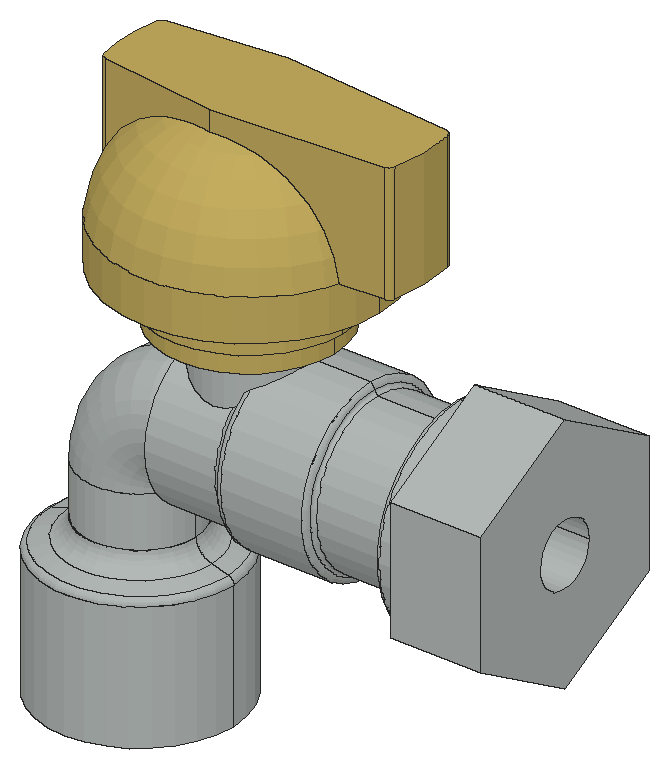
Revit family "QP21360000", category Apparecchi idraulici, Revit 2020
Family settings
  Quota connettore circolare = Usa diametro
  Tipo di parte = Normale
  Numero OmniClass = 23.45.00.00
  Titolo OmniClass = Sanitary, Laundry, and Cleaning Equipment
  Basato su piano di lavoro = No
  Sempre verticale = Sì
  Taglio con vuoti quando caricato = No
  Condiviso = No
  Punto di calcolo locali = No
Parameters
  URL = "https://web.cimberio.com/index.php/figura/146?subcategoria_id="
  Temperatura di esercizio = ""
  Prospetto di default = 0 mm
  Produttore = "CIMBERIO SPA"
  Pressione nominale = "MOP 5"
  Modello = "Cim 186PG"
  Materiale = "Prodotto in lega di ottone conforme alla norma EN 12165-CW617N-DW"
  Description = ""
  DN Model [instance] = QP21362102 : QP21362102
  DN [instance] = 9 mm
  Commenti sul tipo = "Realizzato in ottemperanza ai requisiti gestionali della norma EN ISO 9001.\r\nCollaudato al 100% secondo la normativa EN 12266-1"
Reference planes
  plane 1 "Centro (Fronte/Retro)": y = 0
  plane 2: z = 0
  plane 3 "Centro (Sinistra/Destra)": x = 0
Dimensions and locks
  aligned and locked: level to plane 2
Nested families
  nested 1: "QP21362102" at (0, 0, 0), type <- "DN Model", type "QP21362102"
  nested 2: "QP21362102" at (0, 0, 0), type <- "DN Model", type "QP21362102"
Connectors
  piping at (45.25, 0, 0), diameter 9, driven by "DN"
    settings: on nested 1, index 1, connector inside diameter 609.6 mm, connector length 0 mm, flow factor 0, pipe flow 0.0 L/s, pressure drop 0.0 Pa, fitting loss kfactor 0, connector angle 0.00°, fixture units 0, engagement length 0 mm, angle of deflection 0.00°, flow configuration 0, flow direction 0, fitting loss method 0, system type 7, joint type 0, gender type 0, connector reference index -1, connector utility 0, adjustable connector no, is connector primary yes, connector description ""
Definition of nested family "QP21362102"
  Parameters (values of type "QP21362102")
    URL = ""
    Default Elevation = 0 mm
    Manufacturer = ""
    Model = ""
    Description = ""
    Type Comments = ""
  Reference planes
    plane 1 "Centro (Fronte/Retro)": y = 0
    plane 2: z = 0
    plane 3 "Centro (Sinistra/Destra)": x = 0
  Forms (mm)
    Revolve 1, solid
      sketch origin (1.758, 0, 0) x (1, 0, 0) y (0, 0, 1)
        loop
          line (-0.754, 4.83) -> (7.416, 4.83) -> (7.416, 16.081) -> (-0.754, 16.081) -> (-0.754, 4.83)
        axis (-0.754, 16.081) -> (-0.754, 4.83)
      angle from 0 to 360
    Revolve 2, solid
      sketch origin (0, 0, 0) x (1, 0, 0) y (0, 0, 1)
        loop
          line (30.25, -14.733) -> (32.25, -14.733) -> (32.25, -4.5) -> (-6.523, -4.5) -> (-6.523, -10.983) -> (3.557, -10.983)
          arc (3.557, -10.983) -> (4.268, -11.328) -> (4.711, -11.983) r 1.528
          arc (4.711, -11.983) -> (5.077, -12.349) -> (5.577, -12.483) r 1
          line (5.577, -12.483) -> (17.3, -12.483)
          arc (17.3, -12.483) -> (17.636, -12.081) -> (17.8, -11.583) r 1.391
          arc (17.8, -11.583) -> (17.946, -11.229) -> (18.3, -11.083) r 0.5
          line (18.3, -11.083) -> (29.75, -11.083) -> (29.75, -14.233)
          arc (29.75, -14.233) -> (29.896, -14.587) -> (30.25, -14.733) r 0.5
        axis (-6.523, 0) -> (32.25, 0)
      angle from 0 to 360
    Extrusion 3, solid
      sketch origin (0, 0, 0) x (0, 1, 0) y (0, 0, 1)
        loop
          circle (0, 0) r 4.5
        loop
          line (0, 17.4) -> (-15.069, 8.7) -> (-15.069, -8.7) -> (0, -17.4) -> (15.069, -8.7) -> (15.069, 8.7) -> (0, 17.4)
      from 32.25 to 45.25
    Revolve 4, solid
      sketch origin (0, 0, 0) x (1, 0, 0) y (0, 0, 1)
        loop
          line (-20.5, -16.475) -> (-24.072, -16.475)
          arc (-24.072, -16.475) -> (-24.756, -18.159) -> (-26.286, -19.139) r 3
          line (-26.286, -19.139) -> (-28.759, -19.801)
          arc (-28.759, -19.801) -> (-29.293, -20.159) -> (-29.5, -20.767) r 1
          line (-29.5, -20.767) -> (-29.5, -39) -> (-20.5, -39) -> (-20.5, -16.475)
        axis (-16, -16.475) -> (-16, -39)
      angle from 0 to 360
    Sweep 5, solid
      path origin (0, 0, 0) x (1, 0, 0) y (0, 0, 1)
        loop
          arc (-6.523, 0) -> (-13.208, -2.611) -> (-16, -9.222) r 9.226
          line (-16, -9.222) -> (-16, -16.475)
      profile origin (-16, 0, -12.849) x (0, -1, 0) y (1, 0, 0)
        loop
          circle (0, 0) r 8
        loop
          circle (0, 0) r 4.5
  Dimensions and locks
    aligned and locked: level to plane 2
  Nested families
    nested 1: "MANIGLIA SICUREZZA PREMI E GIRA" at (0, 0, 14.3), type "MANIGLIA SICUREZZA PREMI E GIRA"
  Definition of nested family "MANIGLIA SICUREZZA PREMI E GIRA"
    Parameters (values of type "MANIGLIA SICUREZZA PREMI E GIRA")
      URL = ""
      Default Elevation = 0 mm
      Manufacturer = ""
      Model = ""
      Description = ""
      Type Comments = ""
    Reference planes
      plane 1 "Centro (Fronte/Retro)": y = 0
      plane 2: z = 0
      plane 3 "Centro (Sinistra/Destra)": x = 0
    Forms (mm)
      Revolve 1, solid
        sketch origin (0.744, 0, -12.594) x (1, 0, 0) y (0, 0, 1)
          loop
            line (11.362, 12.594) -> (11.362, 15.594) -> (12.523, 15.594) -> (12.523, 20.094) -> (17.823, 20.094) -> (17.823, 26.094)
            arc (17.823, 26.094) -> (14.02, 35.192) -> (5.793, 40.629) r 16.935
            line (5.793, 40.629) -> (-0.977, 40.629) -> (-0.977, 12.594) -> (11.362, 12.594)
          axis (-0.977, 12.594) -> (-0.977, 40.629)
        angle from 0 to 360
      Extrusion 2, solid
        sketch origin (1.758, 0, -12.55) x (1, 0, 0) y (0, 1, 0)
          loop
            arc (-19.114, 4.772) -> (-19.758, -0.042) -> (-19.091, -4.852) r 18
            arc (-19.091, -4.852) -> (-18.778, -5.343) -> (-18.244, -5.576) r 1
            line (-18.244, -5.576) -> (-1.755, -7.5) -> (21.908, -5.5)
            arc (21.908, -5.5) -> (22.493, -5.247) -> (22.806, -4.691) r 1
            arc (22.806, -4.691) -> (23.25, 0) -> (22.806, 4.691) r 25
            arc (22.806, 4.691) -> (22.489, 5.25) -> (21.897, 5.501) r 1
            line (21.897, 5.501) -> (-2.38, 7.425) -> (-18.27, 5.5)
            arc (-18.27, 5.5) -> (-18.802, 5.265) -> (-19.114, 4.772) r 1
        from 26.05 to 43.05
    Dimensions and locks
      aligned and locked: level to plane 2
